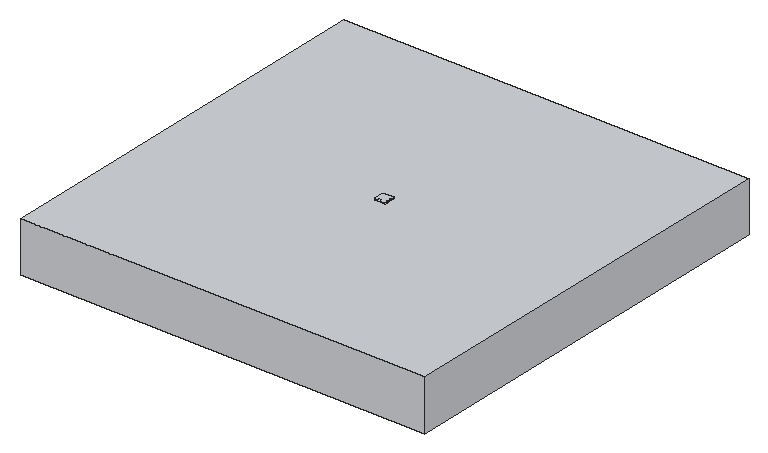
Revit family "Gira_004100rfa", category Allgemeines Modell, Revit 2017
Family settings
  Basisbauteil = Fläche
  Kann Basisbauteil für Bewehrung sein = Nein
  Bemaßung runder Anschluss = Durchmesser verwenden
  Teiletyp = Normal
  Beim Laden mit Abzugskörper schneiden = Nein
  Gemeinsam genutzt = Nein
  Raumberechnungspunkt = Nein
Parameters
  With memory function = no
  With glass breaking detector connection = no
  With brightness sensor connection = no
  With Astro program = no
  Default Elevation = 1219.2 mm
  URL = "https://www.gira.de/"
  Typname = "Antenna sock. GEDU 10 Insert"
  Type of fastening = "Screwing"
  Transparent = no
  Through loss at 860 MHz [B] = 0.25
  Through loss at 2150 MHz [B] = 0.25
  Switch-off protection = no
  Surface protection = "Other"
  Surface finishing = "Not applicable"
  Suitable for wind sensor = no
  Suitable for rain sensor = no
  Suitable for degree of protection (IP) = "IP20"
  Substation input = yes
  Shielded housing = no
  Shielded buses = yes
  Separate strain relief = yes
  Random generator = no
  Productwebsite = "http://katalog.gira.de/en/datenblatt.html?artikelnr=004100"
  Nominal voltage [Volt] = 230
  Mounting method shielding connection = "Screw"
  Mounting method = "Flush mounted (plaster)"
  Model = "Loop-through socket"
  Mechanical coding = no
  Max. switching power [Voltampere] = 1000
  Material quality = "Other"
  Material = "Other"
  Integrated timer = no
  Hersteller = "Gira"
  Halogen free = no
  HAN = "004100"
  GTIN = "4010337041009"
  Frequency [Hz] = "[4000000:2400000000]"
  Degree of protection (IP) = "IP20"
  Data sheet = "https://katalog.gira.de/en/download.html?artikelnr=004100"
  Connection type = "Screw"
  Colour = "Other"
  Category = "Other"
  Beschreibung = "Aerial sock.GEDU 10 Ins.,Antenna socket insert (GEDU 10),,,Features:,- Can be used as a routing or end box.,- For use in communal antenna systems at the end of a master cable with several boxes.,- The entire signal spectrum from 4 to 2400 MHz is available on both connections.,- With R 77 terminating resistance, it can be used as an end box.,,Notes :,- For screw mounting only.,- Important! Observe construction space for plug and bending radii.,- If using with gender changers:,  Not suitable for duct installation or a standard device box.,  Connection with angled plug recommended.,- Installation recommendation:,  Kaiser electronic outlets,  flush-mounted installation: Kaiser Order No.: 1068-02,  hollow-wall installation: Kaiser Order No.: 9062-94,  concrete installation: Kaiser Order No.: 1268-40,- For reflection-free termination of a side circuit, to be plugged into the last antenna socket outlet.,- Suitable for terrestrial reception, area couplers, and satellite reception systems."
  BIM = "https://media.stage.bim.site/public/gira/290f3eb/Einsatz_1fach.rfa"
  Assembly arrangement = "Basic element"
Reference planes
  plane 1 "Center (Front/Back)": y = 0
  plane 2: z = 0
  plane 3 "Center (Left/Right)": x = 0
Forms (mm)
  Extrusion 1, solid
    sketch origin (0, 0, 0) x (1, 0, 0) y (0, 1, 0)
      loop
        line (-1219.2, 1219.2) -> (-1219.2, -1219.2) -> (1219.2, -1219.2) -> (1219.2, 1219.2) -> (-1219.2, 1219.2)
    from 0 to -304.8
  Extrusion 2, solid, detail levels fine
    sketch origin (0, 0, 0) x (1, 0, 0) y (0, 1, 0)
      loop
        line (27.475, 35.475) -> (-27.475, 35.475)
        arc (-27.475, 35.475) -> (-33.132, 33.132) -> (-35.475, 27.475) r 8
        line (-35.475, 27.475) -> (-35.475, -27.475)
        arc (-35.475, -27.475) -> (-33.132, -33.132) -> (-27.475, -35.475) r 8
        line (-27.475, -35.475) -> (27.475, -35.475)
        arc (27.475, -35.475) -> (33.132, -33.132) -> (35.475, -27.475) r 8
        line (35.475, -27.475) -> (35.475, 27.475)
        arc (35.475, 27.475) -> (33.132, 33.132) -> (27.475, 35.475) r 8
    from 0 to 1.8
  Extrusion 3, solid, detail levels fine
    sketch origin (0, 0, 0) x (1, 0, 0) y (0, 1, 0)
      loop
        line (9.678, 25.4) -> (-9.678, 25.4)
        arc (-9.678, 25.4) -> (-12.885, 24.922) -> (-15.814, 23.53) r 11
        arc (-15.814, 23.53) -> (-17.795, 22.07) -> (-19.641, 20.444) r 28.35
        arc (-19.641, 20.444) -> (-21.339, 18.665) -> (-22.876, 16.745) r 28.35
        arc (-22.876, 16.745) -> (-24.456, 13.666) -> (-25, 10.248) r 11
        line (-25, 10.248) -> (-25, -10.248)
        arc (-25, -10.248) -> (-24.456, -13.666) -> (-22.876, -16.745) r 11
        arc (-22.876, -16.745) -> (-20.409, -19.677) -> (-17.569, -22.25) r 28.35
        line (-17.569, -22.25) -> (17.569, -22.25)
        arc (17.569, -22.25) -> (20.409, -19.677) -> (22.876, -16.745) r 28.35
        arc (22.876, -16.745) -> (24.456, -13.666) -> (25, -10.248) r 11
        line (25, -10.248) -> (25, 10.248)
        arc (25, 10.248) -> (24.456, 13.666) -> (22.876, 16.745) r 11
        arc (22.876, 16.745) -> (21.593, 18.37) -> (20.195, 19.897) r 28.35
        arc (20.195, 19.897) -> (18.096, 21.823) -> (15.814, 23.53) r 28.35
        arc (15.814, 23.53) -> (12.885, 24.922) -> (9.678, 25.4) r 11
    from 0 to -22
  Extrusion 4, solid, detail levels medium
    sketch origin (0, 0, 0) x (1, 0, 0) y (0, 1, 0)
      loop
        line (-25, 25.4) -> (-25, -22.25) -> (25, -22.25) -> (25, 25.4) -> (-25, 25.4)
    from 0 to -22
  Extrusion 5, solid, detail levels coarse
    sketch origin (0, 0, 0) x (1, 0, 0) y (0, 1, 0)
      loop
        line (35.475, 35.475) -> (-35.475, 35.475) -> (-35.475, -35.475) -> (35.475, -35.475) -> (35.475, 35.475)
    from -22 to 1.8
  Extrusion 6, solid, detail levels medium
    sketch origin (0, 0, 0) x (1, 0, 0) y (0, 1, 0)
      loop
        line (35.475, 35.475) -> (-35.475, 35.475) -> (-35.475, -35.475) -> (35.475, -35.475) -> (35.475, 35.475)
    from 0 to 1.8
Dimensions and locks
  aligned and locked: plane 2 to Extrusion 1
  aligned and locked: level to Extrusion 1
Connectors
  electrical at (0, 0, -22)
    settings: on Extrusion 5, index 1, voltage 220 V, apparent load 0 VA, apparent load phase1 0 VA, apparent load phase2 0 VA, apparent load phase3 0 VA, power factor 1, load classification "Other", number of poles 1, system type 30, power factor state 1, is connector primary yes, connector utility no, sub classification motor no, connector description ""
